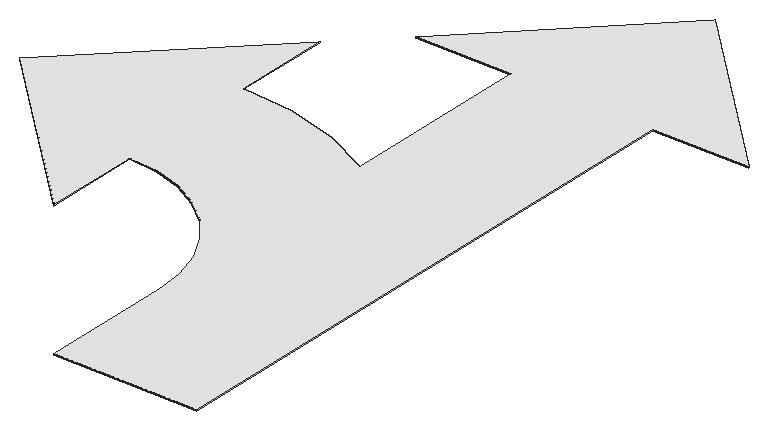
Revit family
Reference planes
  plane 1 "중심(앞/뒤)": y = 0
  plane 2: z = 0
  plane 3 "중심(왼쪽/오른쪽)": x = 0
Forms (mm)
  Extrusion 1, solid, material "페인트 - 흰색"
    sketch origin (0, 0, 0) x (1, 0, 0) y (0, 1, 0)
      loop
        line (-355.6, 1219.2) -> (-152.4, 1219.2) -> (-152.4, 816.215)
        arc (-152.4, 816.215) -> (-304.769, 880.779) -> (-468.778, 902.822) r 621.178
        line (-468.778, 902.822) -> (-468.778, 1106.022) -> (-824.378, 750.422) -> (-468.778, 394.822) -> (-468.778, 598.022)
        arc (-468.778, 598.022) -> (-245.065, 505.356) -> (-152.4, 281.643) r 316.378
        line (-152.4, 281.643) -> (-152.4, 0) -> (152.4, 0) -> (152.4, 1219.2) -> (355.6, 1219.2) -> (0, 1574.8) -> (-355.6, 1219.2)
    from 0 to 1.587
